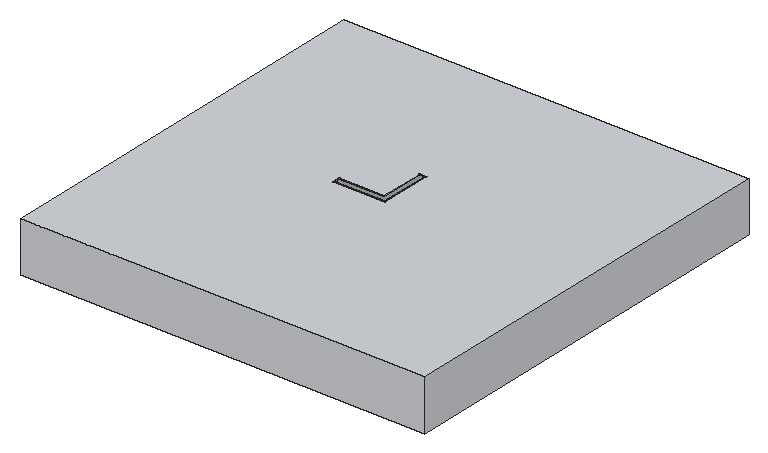
Revit family "LAMP_FIL 35 CORNER OPAL COMFORT RECESSED HC", category Luminarias, Revit 2018
Family settings
  Anfitrión = Cara
  Cota de conector redondo = Diámetro de uso
  Tipo de pieza = Normal
  Corte con vacíos al cargar = No
  Origen de luz = Sí
  Compartido = No
  Punto de cálculo de habitación = No
Parameters (values of type "534LM 3000K  BLACK")
  Ángulo de inclinación = -90.00°
  Weight = 1.23 kg
  Wattage = 2.93 W
  Type = "MID POWER TRIDONIC"
  built-in parameter 1150107 = 3000 (stored number, unit not read)
  Second light = LAMP_FIL 35 CORNER OPAL COMFORT SURFACE_SECOND : 3000K
  Recessed dimensions = "319x319x42"
  NOT COVER 2 [instance] = not(END COVER 2)  # no
  NOT COVER 1 [instance] = not(END COVER 1)  # no
  END COVER 2 [instance] = yes
  END COVER 1 [instance] = yes
  Suspension distance [instance] = if(Suspension > 4000 mm, 4000 mm, if(Suspension < 1 mm, 1 mm, Suspension))  # 200 mm
  Suspension [instance] = 200 mm
  built-in parameter 1150110 = 1 (stored number, unit not read)
  built-in parameter 1150109 = 1 (stored number, unit not read)
  built-in parameter 1150112 = 1 (stored number, unit not read)
  built-in parameter 1150113 = 1 (stored number, unit not read)
  built-in parameter 1114218 = 1 (stored number, unit not read)
  Protection rating = "IP20 / IK07"
  Product datasheet = "http://www.lamp.es/product-files/TECH/F31REHCLOOC830NB-EN.pdf"
  Product code = "F31REHCLOOC830NB"
  Product URL = "https://www.lamp.es/en/family/fil-35_413911"
  Power Supply = "220-240V 50/60Hz"
  Power = 5 W
  Plum = 6.1 W
  Photobiological risk = ""
  built-in parameter 1150137 = (empty or 0)
  built-in parameter 1150132 = 2
  Modelo = Product code  # "F31REHCLOOC830NB"
  Model Explanation = ""
  Material suspension = LAMP_Acero genérico
  Material perfil = LAMP_Aluminio Perfil Fil NG
  Material difusor = LAMP_PC Difusor Opal Fil
  Manufacturer name = "LAMP"
  Manufacturer country = "Spain"
  Manufacturer URL = "http://www.lamp.es/en"
  MacAdam = "3"
  Last update = "24/05/2021"
  Lamp = "MID-POWER LED"
  LED Lifetime = "60.000 L80 B10"
  built-in parameter 1150105 = 119.95 (stored number, unit not read)
  built-in parameter 1150102 = (empty or 0)
  Insulation class = "I"
  Installation instructions = "https://www.lamp.es/product-files/INS/1004590-A%20INSTR.%20FIL35.pdf"
  built-in parameter 1150106 = 1.1995 (stored number, unit not read)
  IEE = "A+"
  Gear = "Electronic"
  Lumens = 303.548 lm
  Finish = "Matte black RAL 9011"
  Color Filter = 16777215
  built-in parameter 1114217 = 1 (stored number, unit not read)
  built-in parameter 1150139 = (empty or 0)
  Fabricante = Manufacturer name  # "LAMP"
  Default Elevation = 1219.2 mm
  built-in parameter 1150104 = 9.6248 (stored number, unit not read)
  Efficacy = 94.6 lm/W
  Dimensions = "313x313x35"
  Descripción = "FIL35 HORIZ CORNER REC 800 WW OP COMF BK"
  built-in parameter 1150115 = 1 (stored number, unit not read)
  built-in parameter 1150114 = 1 (stored number, unit not read)
  built-in parameter 1150138 = (empty or 0)
  built-in parameter 1150134 = 3
  Dimming Lamp Color Temperature Shift = (empty or 0)
  CRI = "80"
  Archivo de red fotométrica = "F31SF084LOOP830NB.IES"
  built-in parameter 1150133 = 10 (stored number, unit not read)
Types (12, lengths in mm): name | built-in parameter 1150107 | Second light | Product datasheet | Product code | Modelo | Material perfil | Finish | Efficacy | Descripción
  534LM 3000K DALI BLACK | 3000 (stored number, unit not read) | LAMP_FIL 35 CORNER OPAL COMFORT SURFACE_SECOND : 3000K | "http://www.lamp.es/product-files/TECH/F31REHCLOOC830DB-EN.pdf" | "F31REHCLOOC830DB" | "F31REHCLOOC830DB" | LAMP_Aluminio Perfil Fil NG | "Matte black RAL 9011" | 87.5 lm/W | "FIL35 HOR CORNER REC 800 WW OP DA COM BK"
  534LM 3000K DALI GREY | 3000 (stored number, unit not read) | LAMP_FIL 35 CORNER OPAL COMFORT SURFACE_SECOND : 3000K | "http://www.lamp.es/product-files/TECH/F31REHCLOOC830DG-EN.pdf" | "F31REHCLOOC830DG" | "F31REHCLOOC830DG" | LAMP_Aluminio Perfil Fil GR | "Gloss grey" | 87.5 lm/W | "FIL35 HOR CORNER REC 800 WW OP DA COM GR"
  534LM 3000K DALI WHITE | 3000 (stored number, unit not read) | LAMP_FIL 35 CORNER OPAL COMFORT SURFACE_SECOND : 3000K | "http://www.lamp.es/product-files/TECH/F31REHCLOOC830DW-EN.pdf" | "F31REHCLOOC830DW" | "F31REHCLOOC830DW" | LAMP_Aluminio Perfil Fil BL | "Matte white RAL 9010" | 87.5 lm/W | "FIL35 HOR CORNER REC 800 WW OP DA COM WH"
  534LM 4000K DALI BLACK | 4000 (stored number, unit not read) | LAMP_FIL 35 CORNER OPAL COMFORT SURFACE_SECOND : 4000K | "http://www.lamp.es/product-files/TECH/F31REHCLOOC840DB-EN.pdf" | "F31REHCLOOC840DB" | "F31REHCLOOC840DB" | LAMP_Aluminio Perfil Fil NG | "Matte black RAL 9011" | 87.5 lm/W | "FIL35 HOR CORNER REC 800 NW OP DA COM BK"
  534LM 4000K DALI GREY | 4000 (stored number, unit not read) | LAMP_FIL 35 CORNER OPAL COMFORT SURFACE_SECOND : 4000K | "http://www.lamp.es/product-files/TECH/F31REHCLOOC840DG-EN.pdf" | "F31REHCLOOC840DG" | "F31REHCLOOC840DG" | LAMP_Aluminio Perfil Fil GR | "Gloss grey" | 87.5 lm/W | "FIL35 HOR CORNER REC 800 NW OP DA COM GR"
  534LM 4000K DALI WHITE | 4000 (stored number, unit not read) | LAMP_FIL 35 CORNER OPAL COMFORT SURFACE_SECOND : 4000K | "http://www.lamp.es/product-files/TECH/F31REHCLOOC840DW-EN.pdf" | "F31REHCLOOC840DW" | "F31REHCLOOC840DW" | LAMP_Aluminio Perfil Fil BL | "Matte white RAL 9010" | 87.5 lm/W | "FIL35 HOR CORNER REC 800 NW OP DA COM WH"
  577LM 4000K  BLACK | 4000 (stored number, unit not read) | LAMP_FIL 35 CORNER OPAL COMFORT SURFACE_SECOND : 4000K | "http://www.lamp.es/product-files/TECH/F31REHCLOOC840NB-EN.pdf" | "F31REHCLOOC840NB" | "F31REHCLOOC840NB" | LAMP_Aluminio Perfil Fil NG | "Matte black RAL 9011" | 87.5 lm/W | "FIL35 HORIZ CORNER REC 800 NW OP COMF BK"
  577LM 4000K  GREY | 4000 (stored number, unit not read) | LAMP_FIL 35 CORNER OPAL COMFORT SURFACE_SECOND : 4000K | "http://www.lamp.es/product-files/TECH/F31REHCLOOC840NG-EN.pdf" | "F31REHCLOOC840NG" | "F31REHCLOOC840NG" | LAMP_Aluminio Perfil Fil GR | "Gloss grey" | 87.5 lm/W | "FIL35 HORIZ CORNER REC 800 NW OP COMF GR"
  577LM 4000K  WHITE | 4000 (stored number, unit not read) | LAMP_FIL 35 CORNER OPAL COMFORT SURFACE_SECOND : 4000K | "http://www.lamp.es/product-files/TECH/F31REHCLOOC840NW-EN.pdf" | "F31REHCLOOC840NW" | "F31REHCLOOC840NW" | LAMP_Aluminio Perfil Fil BL | "Matte white RAL 9010" | 87.5 lm/W | "FIL35 HORIZ CORNER REC 800 NW OP COMF WH"
  534LM 3000K  BLACK | 3000 (stored number, unit not read) | LAMP_FIL 35 CORNER OPAL COMFORT SURFACE_SECOND : 3000K | "http://www.lamp.es/product-files/TECH/F31REHCLOOC830NB-EN.pdf" | "F31REHCLOOC830NB" | "F31REHCLOOC830NB" | LAMP_Aluminio Perfil Fil NG | "Matte black RAL 9011" | 94.6 lm/W | "FIL35 HORIZ CORNER REC 800 WW OP COMF BK"
  534LM 3000K  GREY | 3000 (stored number, unit not read) | LAMP_FIL 35 CORNER OPAL COMFORT SURFACE_SECOND : 3000K | "http://www.lamp.es/product-files/TECH/F31REHCLOOC830NG-EN.pdf" | "F31REHCLOOC830NG" | "F31REHCLOOC830NG" | LAMP_Aluminio Perfil Fil GR | "Gloss grey" | 94.6 lm/W | "FIL35 HORIZ CORNER REC 800 WW OP COMF GR"
  534LM 3000K  WHITE | 3000 (stored number, unit not read) | LAMP_FIL 35 CORNER OPAL COMFORT SURFACE_SECOND : 3000K | "http://www.lamp.es/product-files/TECH/F31REHCLOOC830NW-EN.pdf" | "F31REHCLOOC830NW" | "F31REHCLOOC830NW" | LAMP_Aluminio Perfil Fil BL | "Matte white RAL 9010" | 94.6 lm/W | "FIL35 HORIZ CORNER REC 800 WW OP COMF WH"
Reference planes
  plane 1 "Centro (Frontal/Posterior)": y = 0
  plane 2: z = 0
  plane 3 "Centro (Izquierda/Derecha)": x = 0
Forms (mm)
  Extrusion 1, solid
    sketch origin (0, 0, 0) x (1, 0, 0) y (0, 1, 0)
      loop
        line (-1219.2, 1219.2) -> (-1219.2, -1219.2) -> (1219.2, -1219.2) -> (1219.2, 1219.2) -> (-1219.2, 1219.2)
    from 0 to -304.8
  Sweep 2, solid, material "LAMP_PC Difusor Opal Fil" <- "Material difusor"
    path origin (-803.25, 0, 0) x (1, 0, 0) y (0, 1, 0)
      loop
        line (517.75, 0) -> (803.25, 0) -> (803.25, 285.5)
    profile origin (-142.75, 0, 0) x (0, 1, 0) y (0, 0, 1)
      loop
        line (-16.5, -2.5) -> (0, -2.5) -> (16.5, -2.5) -> (16.5, 0) -> (0, 0) -> (-16.5, 0) -> (-16.5, -2.5)
  Sweep 3, solid, material "LAMP_Aluminio Perfil Fil NG" <- "Material perfil"
    path origin (0, 0, 0) x (1, 0, 0) y (0, 1, 0)
      loop
        line (-285.5, 0) -> (0, 0) -> (0, 285.5)
    profile origin (-142.75, 0, 0) x (0, 1, 0) y (0, 0, 1)
      loop
        line (-17.5, -1.2) -> (-17.5, -76) -> (0, -76) -> (17.5, -76) -> (17.5, -1.2) -> (22.5, -1.2) -> (22.5, 0) -> (16.5, 0) -> (16.5, -24) -> (0, -24) -> (-16.5, -24) -> (-16.5, 0) -> (-22.5, 0) -> (-22.5, -1.2) -> (-17.5, -1.2)
Text (mm)
  text "Any modification of the parameters and properties of the LAMP BIM models must be executed and validated by the LAMP technical department.\nPhone: +34 93 736 68 00\nE-mail: lamp@lamp.es\n\nLAMP reserves the right to modify the technical specifications of its products." at (3242.142, 5285.086, -2758.731), in view "Preview"
Dimensions and locks
  aligned and locked: plane 2 to Extrusion 1
  aligned and locked: level to Extrusion 1
Nested families
  nested 1: "LAMP_FIL 35 CORNER OPAL COMFORT SURFACE_SECOND" at (-135.25, -0.019, -1500), type "3000K"
  nested 2: "LAMP_FIL 35 END COVER RECESSED" at (0, 286.5, -76) x (-1, 0, 0) z (0, 0, 1), visible <- "END COVER 2", type "LAMP_FIL 35 END COVER RECESSED"
  nested 3: "LAMP_FIL 35 END COVER RECESSED" at (-286.5, 0, -76) x (0, -1, 0) z (0, 0, 1), visible <- "END COVER 1", type "LAMP_FIL 35 END COVER RECESSED"
Definition of nested family "LAMP_FIL 35 END COVER RECESSED"
  Parameters (values of type "LAMP_FIL 35 END COVER RECESSED")
    Material tapa = none
  Reference planes
    plane 1 "Centro (Frontal/Posterior)": y = 0
    plane 2: z = 0
    plane 3 "Centro (Izquierda/Derecha)": x = 0
  Forms (mm)
    Extrusion 1, solid, material <- "Material tapa"
      sketch origin (0, 0, 76.8) x (0, -1, 0) y (0, 0, -1)
        loop
          line (1, 76.8) -> (-1, 76.8) -> (-1, 0.8) -> (5, 0.8) -> (5, 2) -> (1, 2) -> (1, 76.8)
      from -22.5 to 22.5
    Extrusion 2, void
      sketch origin (-5.1, 0, 0) x (1, 0, 0) y (0, 0, 1)
        loop
          line (22.6, 74.8) -> (22.6, 0) -> (27.6, 0) -> (27.6, 74.8) -> (22.6, 74.8)
      from -23.5 to 23.5
    Extrusion 3, void
      sketch origin (5.1, 0, 0) x (1, 0, 0) y (0, 0, 1)
        loop
          line (-22.6, 74.8) -> (-27.6, 74.8) -> (-27.6, 0) -> (-22.6, 0) -> (-22.6, 74.8)
      from -23.5 to 23.5
  Cuts and joins
    Extrusion 2, Extrusion 3 cuts Extrusion 1
  Dimensions and locks
    aligned and locked: level to plane 2
Definition of nested family "LAMP_FIL 35 CORNER OPAL COMFORT SURFACE_SECOND"
  Parameters (values of type "3000K")
    Tilt Angle = -90.00°
    Wattage = 2.93 W
    built-in parameter 1150110 = 1 (stored number, unit not read)
    built-in parameter 1114217 = 1 (stored number, unit not read)
    built-in parameter 1150109 = 1 (stored number, unit not read)
    built-in parameter 1150134 = (empty or 0)
    built-in parameter 1150113 = 1 (stored number, unit not read)
    Lumens = 303.548 lm
    built-in parameter 1150115 = 1 (stored number, unit not read)
    built-in parameter 1150105 = 24.156 (stored number, unit not read)
    built-in parameter 1150137 = (empty or 0)
    built-in parameter 1150139 = (empty or 0)
    built-in parameter 1150112 = 1 (stored number, unit not read)
    built-in parameter 1150114 = 1 (stored number, unit not read)
    built-in parameter 1150132 = 2
    built-in parameter 1150102 = (empty or 0)
    built-in parameter 1150138 = (empty or 0)
    built-in parameter 1150107 = 3000 (stored number, unit not read)
    built-in parameter 1150106 = 0.24156 (stored number, unit not read)
    built-in parameter 1150104 = 9.6248 (stored number, unit not read)
    Dimming Lamp Color Temperature Shift = (empty or 0)
    Color Filter = 16777215
    built-in parameter 1114218 = 1 (stored number, unit not read)
    Photometric Web File = "F31SF084LOOP830NB.IES"
    built-in parameter 1150133 = 10 (stored number, unit not read)
  Types (3, lengths in mm): name | built-in parameter 1150134 | built-in parameter 1150107 | Photometric Web File
    (no name) | (empty or 0) | 3000 (stored number, unit not read) | "F31SF084LOOP830NB.IES"
    3000K | (empty or 0) | 3000 (stored number, unit not read) | "F31SF084LOOP830NB.IES"
    4000K | 12 | 4000 (stored number, unit not read) | "F31SF084LOOP840NB.IES"
  Reference planes
    plane 1 "Eje de origen de luz (F/P)": y = 0
    plane 2: z = 0
    plane 3 "Eje de origen de luz (I/D)": x = 0
    plane 4 "Elevación de origen de luz": z = 1500
  Dimensions and locks
    aligned and locked: plane 3 "Eje de origen de luz (I/D)" to imposter light
    aligned and locked: plane 1 "Eje de origen de luz (F/P)" to imposter light
    aligned and locked: plane 4 "Elevación de origen de luz" to imposter light
    aligned and locked: level to plane 2
